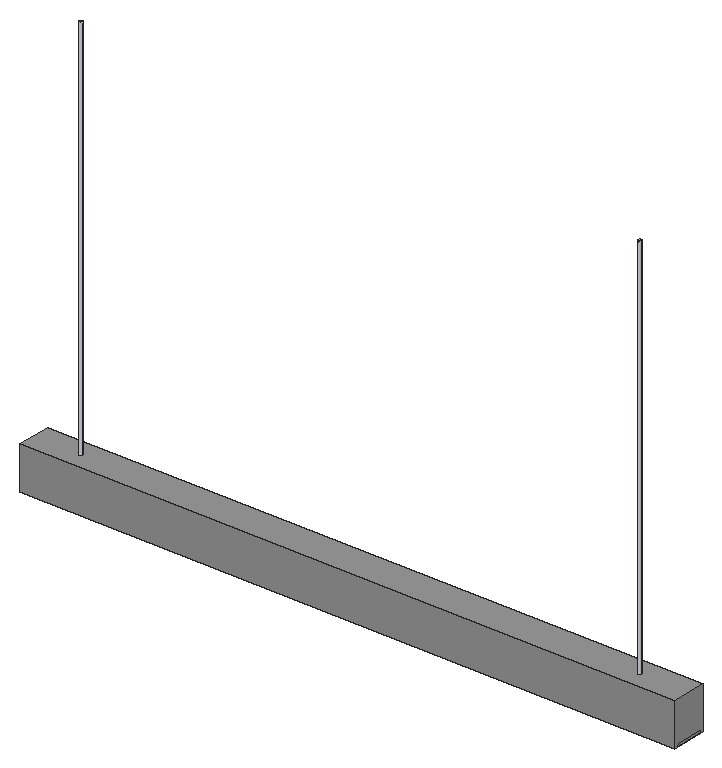
Revit family "HALIMALED_41_1200MM_4000k", category Lighting Fixtures, host Ceiling, Revit 2021
Family settings
  Host = Ceiling
  Round Connector Dimension = Use Diameter
  Part Type = Normal
  OmniClass Number = 23.80.70.11
  OmniClass Title = Luminaries for Internal Lighting
  Always vertical = Yes
  Cut with Voids When Loaded = No
  Light Source = Yes
  Shared = No
  Room Calculation Point = No
Parameters (values of type "Type 1")
  Wattage = 28.0056 W
  built-in parameter 1150110 = 1 (stored number, unit not read)
  Type de lampe = "LED Sanan"
  Type = "Profilé en saillie/suspension"
  built-in parameter 1114217 = 1 (stored number, unit not read)
  Tilt Angle = 90.00°
  Tension = "AC 220-240V"
  built-in parameter 1150109 = 1 (stored number, unit not read)
  built-in parameter 1150134 = 12
  built-in parameter 1150113 = 1 (stored number, unit not read)
  SDCM = "<3"
  Puissance nominale = "40W"
  Photometric Web File = "google_eulumdat_converter (3).ies"
  Matériau = "Aluminium anodisé"
  Maintien du flux = "L80B10 (50 000 heures)"
  Lumens = 4160 lm
  built-in parameter 1150115 = 1 (stored number, unit not read)
  built-in parameter 1150105 = 331.04 (stored number, unit not read)
  built-in parameter 1150137 = (empty or 0)
  built-in parameter 1150139 = (empty or 0)
  built-in parameter 1150112 = 1 (stored number, unit not read)
  built-in parameter 1150114 = 1 (stored number, unit not read)
  built-in parameter 1150132 = 2
  built-in parameter 1150102 = (empty or 0)
  built-in parameter 1150138 = (empty or 0)
  built-in parameter 1150107 = 4000 (stored number, unit not read)
  built-in parameter 1150106 = 3.3104 (stored number, unit not read)
  IRC = ">80"
  Fintion = "Gris"
  Emit from Line Length = 609.6 mm
  built-in parameter 1150104 = 13.8 (stored number, unit not read)
  Durée de vie = "50 000 heures"
  Driver = "Driver Tridonic en version 230V on/off et Boke en DALI"
  Dimming Lamp Color Temperature Shift = <None>
  Dimensions = "63x78 mm, L = 1200 mm"
  Diffuseur = "Capot diffusant microprismatique"
  Default Elevation = 0 mm
  Color Filter = 16777215
  built-in parameter 1114218 = 1 (stored number, unit not read)
  built-in parameter 1150133 = 10 (stored number, unit not read)
  Angle d'éclairage = "90°"
Reference planes
  plane 1 "Light Source Axis (F/B)": y = 0
  plane 2: z = 0
  plane 3 "Light Source Axis (L/R)": x = 0
  plane 4 "Ceiling": z = 4000
  plane 5 "Light Source Elevation": z = 3246.255
Forms (mm)
  Extrusion 1, solid, material "Aluminium anodisé gris"
    sketch origin (0, 0, 0) x (0, 1, 0) y (0, 0, 1)
      loop
        line (31.5, 3211) -> (31.5, 3289) -> (-31.5, 3289) -> (-31.5, 3211) -> (-26.5, 3211) -> (-26.5, 3286) -> (26.5, 3286) -> (26.5, 3211) -> (31.5, 3211)
    from -600 to 600
  Extrusion 2, solid, material "Aluminium anodisé gris"
    sketch origin (-895, 0, 0) x (1, 0, 0) y (0, 0, 1)
      loop
        line (1487.077, 3289) -> (1487.077, 3211) -> (1495, 3211) -> (1495, 3289) -> (1487.077, 3289)
      loop
        line (304.099, 3289) -> (295, 3289) -> (295, 3211) -> (304.099, 3211) -> (304.099, 3289)
    from -31.5 to 31.5
  Extrusion 3, solid, material "Glass, White, High Luminance"
    sketch origin (0, 0, 0) x (1, 0, 0) y (0, 0, 1)
      loop
        line (600, 3211) -> (600, 3214) -> (-600, 3214) -> (-600, 3211) -> (600, 3211)
    from -26.5 to 26.5
  Extrusion 4, solid
    sketch origin (-881.007, 0, 4000) x (0, -1, 0) y (1, 0, 0)
      loop
        circle (0, 1391.423) r 3
    from 0 to -711
  Extrusion 5, solid
    sketch origin (877.785, 0, 4000) x (0, 1, 0) y (-1, 0, 0)
      loop
        circle (0, 1391.423) r 3
    from 0 to -711
Cuts and joins
  joined: Extrusion 1, Extrusion 2
Lines and regions (mm)
  reference lines
    curve 1: line (0, 0, 3250) -> (0, 0, 3289)
    curve 2: line (-1500, 0, 3289) -> (-1500, 0, 3211)
    curve 3: line (0, 0, 3211) -> (0, -31.5, 3211)
    curve 4: line (0, -31.5, 3211) -> (0, -31.5, 3289)
    curve 5: line (0, -31.5, 3289) -> (0, 31.5, 3289)
    curve 6: line (0, 31.5, 3289) -> (0, 31.5, 3211)
    curve 7: line (0, 31.5, 3211) -> (0, 0, 3211)
    curve 8: line (0, 0, 3250) -> (-750, 0, 3250)
    curve 9: line (0, 0, 3250) -> (750, 0, 3250)
    curve 10: line (0, 0, 3246.255) -> (600, 0, 3246.255)
    curve 11: line (0, 0, 3246.255) -> (-600, 0, 3246.255)
Dimensions and locks
  equal spacing: host sketch curve, plane 3 "Light Source Axis (L/R)", host sketch curve
  equal spacing: host sketch curve, plane 1 "Light Source Axis (F/B)", host sketch curve
  host sketch curve to host sketch curve = 4000 mm  (x2)
  plane 4 "Ceiling" to host ceiling = 0 mm
  aligned and locked: plane 1 "Light Source Axis (F/B)" to imposter light
  aligned and locked: plane 5 "Light Source Elevation" to imposter light
